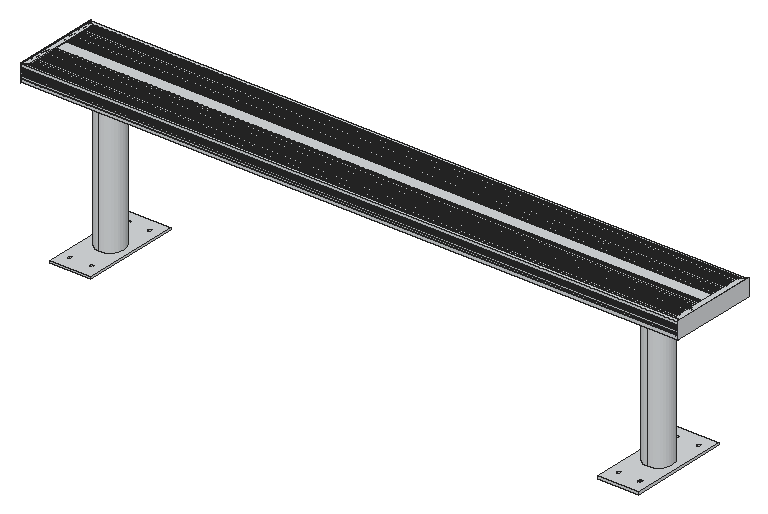
Revit family "Locker_Benches-Salsbury_Industries-Aluminum_77770_Series", category Specialty Equipment, Revit 2016
Family settings
  Part Type = Normal
  Round Connector Dimension = Use Diameter
  OmniClass Number = 23.40.00.00
  OmniClass Title = Equipment and Furnishings
  Work Plane-Based = No
  Always vertical = Yes
  Cut with Voids When Loaded = No
  Shared = No
  Room Calculation Point = No
Parameters (values of type "77776")
  Width = 72.250"
  Version = "1.0 (11/16/18)"
  URL = "www.lockers.com"
  Type Comments = "Aluminum Locker Bench"
  Secondary Material = Paint - Salsbury Finish - Aluminum
  Primary Material = Aluminum - Salsbury Finish - Aluminum
  Pedestal Offset = 6.000"
  OmniClass 23 Title = "Equipment and Furnishings"
  OmniClass 23 Number = "23.40.00.00"
  Model = "77776"
  MasterFormat Title = "Locker Room Benches"
  MasterFormat Number = "10 51 53"
  Manufacturer = "Salsbury Industries"
  Height = 18.000"
  Description = "72 Inches Wide"
  Depth = 9.625"
  Assembly Code = "C1030310"
Types (7): name | Width | Model | Description
  (no name) | 72.250" | "77776" | "72 Inches Wide"
  77776 | 72.250" | "77776" | "72 Inches Wide"
  77777 | 84.250" | "77777" | "84 Inches Wide"
  77778 | 96.250" | "77778" | "96 Inches Wide"
  77775 | 60.250" | "77775" | "60 Inches Wide"
  77774 | 48.250" | "77774" | "48 Inches Wide"
  77773 | 36.250" | "77773" | "36 Inches Wide"
Reference planes (in)
  plane 1 "Center (Front/Back)": y = 0
  plane 2 "Floor": z = 0
  plane 3 "Center (Left/Right)": x = 0
  plane 4 "Back of Bench": y = -4.8125
  plane 5 "Front Side of Bench": y = 4.8125
  plane 6 "Right Side of Bench": x = 36.125
  plane 7 "Left Side of Bench": x = -36.125
  plane 8 "Top of Bench": z = 18
  plane 9: z = 16.25
  plane 10: y = -0.656
  plane 11: y = 0.656
  plane 12: y = -4.5
  plane 13: y = 4.5
  plane 14: y = -4.2349
  plane 15: z = 17.9375
  plane 16: y = -4.10234
  plane 17: y = -3.96979
  plane 18: y = -3.83724
  plane 19: y = -3.70469
  plane 20: y = -3.57214
  plane 21: y = -3.43959
  plane 22: y = -3.30703
  plane 23: y = -3.17448
  plane 24: y = -3.04193
  plane 25: y = -2.90938
  plane 26: y = -2.77683
  plane 27: y = -2.64428
  plane 28: y = -2.51172
  plane 29: y = -2.37917
  plane 30: y = -2.24662
  plane 31: y = -2.11407
  plane 32: y = -1.98152
  plane 33: y = -1.84897
  plane 34: y = -1.71641
  plane 35: y = -1.58386
  plane 36: y = -1.45131
  plane 37: y = -1.31876
  plane 38: y = -1.18621
  plane 39: y = -1.05366
  plane 40: y = -0.9211
  plane 41: y = 1.05366
  plane 42: y = 1.18621
  plane 43: y = 1.31876
  plane 44: y = 1.45131
  plane 45: y = 1.58386
  plane 46: y = 1.71641
  plane 47: y = 1.84897
  plane 48: y = 1.98152
  plane 49: y = 2.11407
  plane 50: y = 2.24662
  plane 51: y = 2.37917
  plane 52: y = 2.51172
  plane 53: y = 2.64428
  plane 54: y = 2.77683
  plane 55: y = 2.90938
  plane 56: y = 3.04193
  plane 57: y = 3.17448
  plane 58: y = 3.30703
  plane 59: y = 3.43959
  plane 60: y = 3.57214
  plane 61: y = 3.70469
  plane 62: y = 3.83724
  plane 63: y = 3.96979
  plane 64: y = 4.10234
  plane 65: y = 4.2349
  plane 66: y = 4.36745
  plane 67 "Left Side of Seat Plank": x = -36.062
  plane 68 "Right Side of Seat Plank": x = 36.062
  plane 69: z = 17.687
  plane 70: z = 17.56211
  plane 71: z = 17.43722
  plane 72: z = 17.31233
  plane 73: z = 17.18744
  plane 74: z = 17.06256
  plane 75: z = 16.93767
  plane 76: z = 16.81278
  plane 77: z = 16.563
  plane 78: y = -4.7495
  plane 79: y = 4.7495
  plane 80: z = 16.68789
  plane 81: y = -0.78855
  plane 82: y = 0.9211
  plane 83: y = 0.78855
  plane 84: y = -4.36745
  plane 85: x = -35.437
  plane 86: x = 35.437
  plane 87 "Top of Encaps": z = 18.063
  plane 88: y = 4.1875
  plane 89: y = -4.1875
  plane 90 "Bottom of Endcaps": z = 16.187
  plane 91 "Left Pedestal Center": x = -30.125
  plane 92 "Right Pedestal Center": x = 30.125
  plane 93: x = -32.375
  plane 94: x = -27.875
  plane 95: x = 27.875
  plane 96: x = 32.375
  plane 97: y = 4.25
  plane 98: y = -4.25
  plane 99: y = 5.5
  plane 100: y = -5.5
  plane 101 "Top of Bottom Pedestal Plate": z = 0.25
  plane 102 "Bottom of Top Pedestal Plate": z = 16
  plane 103: y = -4
  plane 104: y = 4
  plane 105: x = -31.312
  plane 106: x = -28.938
  plane 107: x = 28.938
  plane 108: x = 31.312
  plane 109: x = -31.62635
  plane 110: x = -28.625
  plane 111: x = 28.625
  plane 112: x = 31.625
  plane 113: y = -1.49831
  plane 114: y = 1.5
Forms (in)
  Extrusion 1, solid, material "Aluminum - Salsbury Finish - Aluminum" <- "Primary Material"
    sketch origin (0, 0, 0) x (0, 1, 0) y (0, 0, 1)
      loop
        line (-4.8125, 18) -> (-4.8125, 17.687) -> (-4.7495, 17.687) -> (-4.7495, 17.56211) -> (-4.8125, 17.56211) -> (-4.8125, 17.43722) -> (-4.7495, 17.43722) -> (-4.7495, 17.31233) -> (-4.8125, 17.31233) -> (-4.8125, 17.18744) -> (-4.7495, 17.18744) -> (-4.7495, 17.06256) -> (-4.8125, 17.06256) -> (-4.8125, 16.93767) -> (-4.7495, 16.93767) -> (-4.7495, 16.81278) -> (-4.8125, 16.81278) -> (-4.8125, 16.68789) -> (-4.7495, 16.68789) -> (-4.7495, 16.563) -> (-4.8125, 16.563) -> (-4.8125, 16.25) -> (4.8125, 16.25) -> (4.8125, 16.563) -> (4.7495, 16.563) -> (4.7495, 16.68789) -> (4.8125, 16.68789) -> (4.8125, 16.81278) -> (4.7495, 16.81278) -> (4.7495, 16.93767) -> (4.8125, 16.93767) -> (4.8125, 17.06256) -> (4.7495, 17.06256) -> (4.7495, 17.18744) -> (4.8125, 17.18744) -> (4.8125, 17.31233) -> (4.7495, 17.31233) -> (4.7495, 17.43722) -> (4.8125, 17.43722) -> (4.8125, 17.56211) -> (4.7495, 17.56211) -> (4.7495, 17.687) -> (4.8125, 17.687) -> (4.8125, 18) -> (4.5, 18) -> (4.5, 17.9375) -> (4.36745, 17.9375) -> (4.36745, 18) -> (4.2349, 18) -> (4.2349, 17.9375) -> (4.10234, 17.9375) -> (4.10234, 18) -> (3.96979, 18) -> (3.96979, 17.9375) -> (3.83724, 17.9375) -> (3.83724, 18) -> (3.70469, 18) -> (3.70469, 17.9375) -> (3.57214, 17.9375) -> (3.57214, 18) -> (3.43959, 18) -> (3.43959, 17.9375) -> (3.30703, 17.9375) -> (3.30703, 18) -> (3.17448, 18) -> (3.17448, 17.9375) -> (3.04193, 17.9375) -> (3.04193, 18) -> (2.90938, 18) -> (2.90938, 17.9375) -> (2.77683, 17.9375) -> (2.77683, 18) -> (2.64428, 18) -> (2.64428, 17.9375) -> (2.51172, 17.9375) -> (2.51172, 18) -> (2.37917, 18) -> (2.37917, 17.9375) -> (2.24662, 17.9375) -> (2.24662, 18) -> (2.11407, 18) -> (2.11407, 17.9375) -> (1.98152, 17.9375) -> (1.98152, 18) -> (1.84897, 18) -> (1.84897, 17.9375) -> (1.71641, 17.9375) -> (1.71641, 18) -> (1.58386, 18) -> (1.58386, 17.9375) -> (1.45131, 17.9375) -> (1.45131, 18) -> (1.31876, 18) -> (1.31876, 17.9375) -> (1.18621, 17.9375) -> (1.18621, 18) -> (1.05366, 18) -> (1.05366, 17.9375) -> (0.9211, 17.9375) -> (0.9211, 18) -> (0.78855, 18) -> (0.78855, 17.9375) -> (0.656, 17.9375) -> (0.656, 18) -> (-0.656, 18) -> (-0.656, 17.9375) -> (-0.78855, 17.9375) -> (-0.78855, 18) -> (-0.9211, 18) -> (-0.9211, 17.9375) -> (-1.05366, 17.9375) -> (-1.05366, 18) -> (-1.18621, 18) -> (-1.18621, 17.9375) -> (-1.31876, 17.9375) -> (-1.31876, 18) -> (-1.45131, 18) -> (-1.45131, 17.9375) -> (-1.58386, 17.9375) -> (-1.58386, 18) -> (-1.71641, 18) -> (-1.71641, 17.9375) -> (-1.84897, 17.9375) -> (-1.84897, 18) -> (-1.98152, 18) -> (-1.98152, 17.9375) -> (-2.11407, 17.9375) -> (-2.11407, 18) -> (-2.24662, 18) -> (-2.24662, 17.9375) -> (-2.37917, 17.9375) -> (-2.37917, 18) -> (-2.51172, 18) -> (-2.51172, 17.9375) -> (-2.64428, 17.9375) -> (-2.64428, 18) -> (-2.77683, 18) -> (-2.77683, 17.9375) -> (-2.90938, 17.9375) -> (-2.90938, 18) -> (-3.04193, 18) -> (-3.04193, 17.9375) -> (-3.17448, 17.9375) -> (-3.17448, 18) -> (-3.30703, 18) -> (-3.30703, 17.9375) -> (-3.43959, 17.9375) -> (-3.43959, 18) -> (-3.57214, 18) -> (-3.57214, 17.9375) -> (-3.70469, 17.9375) -> (-3.70469, 18) -> (-3.83724, 18) -> (-3.83724, 17.9375) -> (-3.96979, 17.9375) -> (-3.96979, 18) -> (-4.10234, 18) -> (-4.10234, 17.9375) -> (-4.2349, 17.9375) -> (-4.2349, 18) -> (-4.36745, 18) -> (-4.36745, 17.9375) -> (-4.5, 17.9375) -> (-4.5, 18) -> (-4.8125, 18)
    from -36.062 to 36.062
  Extrusion 2, solid, material "Aluminum - Salsbury Finish - Aluminum" <- "Primary Material"
    sketch origin (-36.125, 0, 0) x (0, -1, 0) y (0, 0, 1)
      loop
        line (4.8125, 18.063) -> (-4.8125, 18.063) -> (-4.8125, 16.187) -> (4.8125, 16.187) -> (4.8125, 18.063)
    from 0 to -0.063
  Extrusion 3, solid, material "Aluminum - Salsbury Finish - Aluminum" <- "Primary Material"
    sketch origin (36.125, 0, 0) x (0, -1, 0) y (0, 0, 1)
      loop
        line (4.8125, 18.063) -> (-4.8125, 18.063) -> (-4.8125, 16.187) -> (4.8125, 16.187) -> (4.8125, 18.063)
    from 0 to 0.063
  Extrusion 4, solid, material "Aluminum - Salsbury Finish - Aluminum" <- "Primary Material"
    sketch origin (0, 0, 18.063) x (0, -1, 0) y (1, 0, 0)
      loop
        line (-4.8125, -36.062) -> (4.8125, -36.062) -> (4.1875, -35.437) -> (-4.1875, -35.437) -> (-4.8125, -36.062)
    from 0 to -0.063
  Extrusion 5, solid, material "Aluminum - Salsbury Finish - Aluminum" <- "Primary Material", detail levels fine
    sketch origin (0, 0, 16.187) x (0, -1, 0) y (1, 0, 0)
      loop
        line (-4.8125, -36.062) -> (4.8125, -36.062) -> (4.1875, -35.437) -> (-4.1875, -35.437) -> (-4.8125, -36.062)
    from 0.063 to 0
  Extrusion 6, solid, material "Aluminum - Salsbury Finish - Aluminum" <- "Primary Material"
    sketch origin (0, 0, 18.063) x (0, -1, 0) y (1, 0, 0)
      loop
        line (-4.8125, 36.062) -> (-4.1875, 35.437) -> (4.1875, 35.437) -> (4.8125, 36.062) -> (-4.8125, 36.062)
    from 0 to -0.063
  Extrusion 7, solid, material "Aluminum - Salsbury Finish - Aluminum" <- "Primary Material", detail levels fine
    sketch origin (0, 0, 16.187) x (0, -1, 0) y (1, 0, 0)
      loop
        line (-4.8125, 36.062) -> (-4.1875, 35.437) -> (4.1875, 35.437) -> (4.8125, 36.062) -> (-4.8125, 36.062)
    from 0.063 to 0
  Extrusion 8, solid, material "Paint - Salsbury Finish - Aluminum" <- "Secondary Material"
    sketch origin (0, 0, 0) x (1, 0, 0) y (0, 1, 0)
      loop
        line (-32.375, 5.5) -> (-32.375, -5.5) -> (-27.875, -5.5) -> (-27.875, 5.5) -> (-32.375, 5.5)
    from 0 to 0.25
  Extrusion 9, solid, material "Paint - Salsbury Finish - Aluminum" <- "Secondary Material"
    sketch origin (0, 0, 16) x (0, -1, 0) y (1, 0, 0)
      loop
        line (-4.25, -32.375) -> (4.25, -32.375) -> (4.25, -27.875) -> (-4.25, -27.875) -> (-4.25, -32.375)
    from 0 to 0.25
  Extrusion 10, solid, material "Paint - Salsbury Finish - Aluminum" <- "Secondary Material"
    sketch origin (0, 0, 0.25) x (0, -1, 0) y (1, 0, 0)
      loop
        circle (0, -30.125) r 1.5
    from 0 to 15.75
  Extrusion 11, solid, material "Paint - Salsbury Finish - Aluminum" <- "Secondary Material"
    sketch origin (0, 0, 0) x (-1, 0, 0) y (0, -1, 0)
      loop
        line (-32.375, -5.5) -> (-27.875, -5.5) -> (-27.875, 5.5) -> (-32.375, 5.5) -> (-32.375, -5.5)
    from 0 to 0.25
  Extrusion 12, solid, material "Paint - Salsbury Finish - Aluminum" <- "Secondary Material"
    sketch origin (0, 0, 16) x (0, -1, 0) y (1, 0, 0)
      loop
        line (-4.25, 32.375) -> (-4.25, 27.875) -> (4.25, 27.875) -> (4.25, 32.375) -> (-4.25, 32.375)
    from 0 to 0.25
  Extrusion 13, solid, material "Paint - Salsbury Finish - Aluminum" <- "Secondary Material"
    sketch origin (0, 0, 0.25) x (0, -1, 0) y (1, 0, 0)
      loop
        circle (0, 30.125) r 1.5
    from 0 to 15.75
  Extrusion 14, void
    sketch origin (0, 0, 0) x (1, 0, 0) y (0, 1, 0)
      loop
        circle (-31.312, 4) r 0.188
      loop
        circle (-28.938, 4) r 0.188
      loop
        circle (-31.312, -4) r 0.188
      loop
        circle (-28.938, -4) r 0.188
    from 0 to 0.25
  Extrusion 15, void
    sketch origin (0, 0, 0) x (-1, 0, 0) y (0, -1, 0)
      loop
        circle (-31.312, -4) r 0.188
      loop
        circle (-28.938, -4) r 0.188
      loop
        circle (-31.312, 4) r 0.188
      loop
        circle (-28.938, 4) r 0.188
    from 0 to 0.25
Cuts and joins
  Extrusion 14, Extrusion 15 cuts Extrusion 8
  Extrusion 15 cuts Extrusion 11
Lines and regions (in)
  symbolic lines
    curve 1: line (-36.125, 4.8125, 0) -> (36.125, 4.8125, 0)
    curve 2: line (-36.125, -4.8125, 0) -> (-36.125, 4.8125, 0)
    curve 3: line (36.125, -4.8125, 0) -> (-36.125, -4.8125, 0)
    curve 4: line (36.125, 4.8125, 0) -> (36.125, -4.8125, 0)
    curve 5: line (-32.375, 5.5, 0) -> (-27.875, 5.5, 0)
    curve 6: line (-27.875, 5.5, 0) -> (-27.875, 4.8125, 0)
    curve 7: line (-32.375, 5.5, 0) -> (-32.375, 4.8125, 0)
    curve 8: line (-32.375, -5.5, 0) -> (-27.875, -5.5, 0)
    curve 9: line (-27.875, -5.5, 0) -> (-27.875, -4.8125, 0)
    curve 10: line (-32.375, -5.5, 0) -> (-32.375, -4.8125, 0)
    curve 11: line (27.875, 5.5, 0) -> (32.375, 5.5, 0)
    curve 12: line (32.375, 5.5, 0) -> (32.375, 4.8125, 0)
    curve 13: line (27.875, 5.5, 0) -> (27.875, 4.8125, 0)
    curve 14: line (27.875, -5.5, 0) -> (32.375, -5.5, 0)
    curve 15: line (32.375, -5.5, 0) -> (32.375, -4.8125, 0)
    curve 16: line (27.875, -5.5, 0) -> (27.875, -4.8125, 0)
    curve 17: line (-36.125, 0, 18) -> (36.125, 0, 18)
    curve 18: line (-36.125, 0, 16.25) -> (-36.125, 0, 18)
    curve 19: line (36.125, 0, 16.25) -> (-36.125, 0, 16.25)
    curve 20: line (36.125, 0, 18) -> (36.125, 0, 16.25)
    curve 21: line (-32.375, 0, 16) -> (-27.875, 0, 16)
    curve 22: line (-32.375, 0, 16.25) -> (-32.375, 0, 16)
    curve 23: line (-27.875, 0, 16) -> (-27.875, 0, 16.25)
    curve 24: line (-32.375, 0, 0.25) -> (-27.875, 0, 0.25)
    curve 25: line (-32.375, 0, 0) -> (-32.375, 0, 0.25)
    curve 26: line (-27.875, 0, 0) -> (-32.375, 0, 0)
    curve 27: line (-27.875, 0, 0.25) -> (-27.875, 0, 0)
    curve 28: line (-31.62635, 0, 0.25) -> (-31.62635, 0, 16)
    curve 29: line (-28.625, 0, 0.25) -> (-28.625, 0, 16)
    curve 30: line (27.875, 0, 16) -> (27.875, 0, 16.25)
    curve 31: line (32.375, 0, 16) -> (27.875, 0, 16)
    curve 32: line (32.375, 0, 16.25) -> (32.375, 0, 16)
    curve 33: line (27.875, 0, 0.25) -> (32.375, 0, 0.25)
    curve 34: line (27.875, 0, 0) -> (27.875, 0, 0.25)
    curve 35: line (32.375, 0, 0) -> (27.875, 0, 0)
    curve 36: line (32.375, 0, 0.25) -> (32.375, 0, 0)
    curve 37: line (28.625, 0, 0.25) -> (28.625, 0, 16)
    curve 38: line (31.625, 0, 0.25) -> (31.625, 0, 16)
    curve 39: line (36.125, -4.8125, 18.063) -> (36.125, 4.8125, 18.063)
    curve 40: line (36.125, -4.8125, 16.187) -> (36.125, -4.8125, 18.063)
    curve 41: line (36.125, 4.8125, 16.187) -> (36.125, -4.8125, 16.187)
    curve 42: line (36.125, 4.8125, 18.063) -> (36.125, 4.8125, 16.187)
    curve 43: line (36.125, -4.25, 16) -> (36.125, -4.25, 16.187)
    curve 44: line (36.125, 4.25, 16) -> (36.125, -4.25, 16)
    curve 45: line (36.125, 4.25, 16.187) -> (36.125, 4.25, 16)
    curve 46: line (36.125, -5.5, 0.25) -> (36.125, 5.5, 0.25)
    curve 47: line (36.125, -5.5, 0) -> (36.125, -5.5, 0.25)
    curve 48: line (36.125, 5.5, 0) -> (36.125, -5.5, 0)
    curve 49: line (36.125, 5.5, 0.25) -> (36.125, 5.5, 0)
    curve 50: line (36.125, 1.5, 0.25) -> (36.125, 1.5, 16)
    curve 51: line (36.125, -1.49831, 0.25) -> (36.125, -1.49831, 16)
Dimensions and locks (in)
  equal spacing: plane 7 "Left Side of Bench", plane 3 "Center (Left/Right)", plane 6 "Right Side of Bench"
  "Width": plane 7 "Left Side of Bench" to plane 6 "Right Side of Bench"
  equal spacing: plane 4 "Back of Bench", plane 1 "Center (Front/Back)", plane 5 "Front Side of Bench"
  "Depth": plane 4 "Back of Bench" to plane 5 "Front Side of Bench"
  "Height": plane 8 "Top of Bench" to plane 2 "Floor"
  locked: plane 9 to plane 8 "Top of Bench" at 1.75
  plane 10 to plane 1 "Center (Front/Back)" to plane 11 = 0.656" locked, 0.656" locked
  locked: plane 4 "Back of Bench" to plane 12 at 0.3125
  locked: plane 13 to plane 5 "Front Side of Bench" at 0.3125
  locked: plane 15 to plane 8 "Top of Bench" at 0.0625
  equal spacing: plane 12, plane 84, plane 14, plane 16, plane 17, plane 18, plane 19, plane 20, plane 21, plane 22, plane 23, plane 24, plane 25, plane 26, plane 27, plane 28, plane 29, plane 30, plane 31, plane 32, plane 33, plane 34, plane 35, plane 36, plane 37, plane 38, plane 39, plane 40, plane 81, plane 10
  equal spacing: plane 11, plane 83, plane 82, plane 41, plane 42, plane 43, plane 44, plane 45, plane 46, plane 47, plane 48, plane 49, plane 50, plane 51, plane 52, plane 53, plane 54, plane 55, plane 56, plane 57, plane 58, plane 59, plane 60, plane 61, plane 62, plane 63, plane 64, plane 65, plane 66, plane 13
  locked: plane 7 "Left Side of Bench" to plane 67 "Left Side of Seat Plank" at 0.063
  locked: plane 68 "Right Side of Seat Plank" to plane 6 "Right Side of Bench" at 0.063
  locked: plane 69 to plane 8 "Top of Bench" at 0.313
  locked: plane 9 to plane 77 at 0.313
  equal spacing: plane 69, plane 70, plane 71, plane 72, plane 73, plane 74, plane 75, plane 76, plane 80, plane 77
  locked: plane 4 "Back of Bench" to plane 78 at 0.063
  locked: plane 79 to plane 5 "Front Side of Bench" at 0.063
  locked: plane 7 "Left Side of Bench" to plane 85 at 0.688
  locked: plane 86 to plane 6 "Right Side of Bench" at 0.688
  locked: plane 8 "Top of Bench" to plane 87 "Top of Encaps" at 0.063
  locked: plane 88 to plane 5 "Front Side of Bench" at 0.625
  locked: plane 4 "Back of Bench" to plane 89 at 0.625
  locked: plane 9 to plane 90 "Bottom of Endcaps" at 0.063
  "Pedestal Offset": plane 7 "Left Side of Bench" to plane 91 "Left Pedestal Center"
  "Pedestal Offset": plane 92 "Right Pedestal Center" to plane 6 "Right Side of Bench"
  plane 95 to plane 92 "Right Pedestal Center" to plane 96 = 2.250" locked, 2.250" locked
  plane 93 to plane 91 "Left Pedestal Center" to plane 94 = 2.250" locked, 2.250" locked
  plane 98 to plane 1 "Center (Front/Back)" to plane 97 = 4.250" locked, 4.250" locked
  plane 100 to plane 1 "Center (Front/Back)" to plane 99 = 5.500" locked, 5.500" locked
  locked: plane 101 "Top of Bottom Pedestal Plate" to plane 2 "Floor" at 0.25
  locked: plane 9 to plane 102 "Bottom of Top Pedestal Plate" at 0.25
  locked: plane 104 to plane 99 at 1.5
  locked: plane 100 to plane 103 at 1.5
  locked: plane 93 to plane 105 at 1.063
  locked: plane 106 to plane 94 at 1.063
  locked: plane 95 to plane 107 at 1.063
  locked: plane 108 to plane 96 at 1.063
  locked: plane 93 to plane 109 at 0.74865
  locked: plane 110 to plane 94 at 0.75
  locked: plane 95 to plane 111 at 0.75
  locked: plane 112 to plane 96 at 0.75
  aligned and locked: plane 2 "Floor" to level
  aligned and locked: plane 4 "Back of Bench" to Extrusion 1 sketch curve  (x6)
  aligned and locked: Extrusion 1 sketch curve to plane 69  (x2)
  aligned and locked: plane 78 to Extrusion 1 sketch curve  (x5)
  aligned and locked: plane 70 to Extrusion 1 sketch curve  (x2)
  aligned and locked: Extrusion 1 sketch curve to plane 71  (x2)
  aligned and locked: plane 72 to Extrusion 1 sketch curve  (x2)
  aligned and locked: Extrusion 1 sketch curve to plane 73  (x2)
  aligned and locked: plane 74 to Extrusion 1 sketch curve  (x2)
  aligned and locked: Extrusion 1 sketch curve to plane 75  (x2)
  aligned and locked: plane 76 to Extrusion 1 sketch curve  (x2)
  aligned and locked: Extrusion 1 sketch curve to plane 80  (x2)
  aligned and locked: plane 77 to Extrusion 1 sketch curve  (x2)
  aligned and locked: plane 9 to Extrusion 1 sketch curve
  aligned and locked: Extrusion 1 sketch curve to plane 5 "Front Side of Bench"  (x6)
  aligned and locked: Extrusion 1 sketch curve to plane 79  (x5)
  aligned and locked: Extrusion 1 sketch curve to plane 8 "Top of Bench"  (x31)
  aligned and locked: Extrusion 1 sketch curve to plane 13
  aligned and locked: Extrusion 1 sketch curve to plane 15  (x29)
  aligned and locked: plane 66 to Extrusion 1 sketch curve
  aligned and locked: Extrusion 1 sketch curve to plane 65
  aligned and locked: plane 64 to Extrusion 1 sketch curve
  aligned and locked: Extrusion 1 sketch curve to plane 63
  aligned and locked: plane 62 to Extrusion 1 sketch curve
  aligned and locked: Extrusion 1 sketch curve to plane 61
  aligned and locked: plane 60 to Extrusion 1 sketch curve
  aligned and locked: Extrusion 1 sketch curve to plane 59
  aligned and locked: plane 58 to Extrusion 1 sketch curve
  aligned and locked: Extrusion 1 sketch curve to plane 57
  aligned and locked: plane 56 to Extrusion 1 sketch curve
  aligned and locked: Extrusion 1 sketch curve to plane 55
  aligned and locked: plane 54 to Extrusion 1 sketch curve
  aligned and locked: Extrusion 1 sketch curve to plane 53
  aligned and locked: plane 52 to Extrusion 1 sketch curve
  aligned and locked: Extrusion 1 sketch curve to plane 51
  aligned and locked: plane 50 to Extrusion 1 sketch curve
  aligned and locked: Extrusion 1 sketch curve to plane 49
  aligned and locked: plane 48 to Extrusion 1 sketch curve
  aligned and locked: Extrusion 1 sketch curve to plane 47
  aligned and locked: plane 46 to Extrusion 1 sketch curve
  aligned and locked: Extrusion 1 sketch curve to plane 45
  aligned and locked: plane 44 to Extrusion 1 sketch curve
  aligned and locked: Extrusion 1 sketch curve to plane 43
  aligned and locked: plane 42 to Extrusion 1 sketch curve
  aligned and locked: Extrusion 1 sketch curve to plane 41
  aligned and locked: Extrusion 1 sketch curve to plane 82
  aligned and locked: plane 83 to Extrusion 1 sketch curve
  aligned and locked: plane 11 to Extrusion 1 sketch curve
  aligned and locked: Extrusion 1 sketch curve to plane 10
  aligned and locked: Extrusion 1 sketch curve to plane 81
  aligned and locked: Extrusion 1 sketch curve to plane 40
  aligned and locked: plane 39 to Extrusion 1 sketch curve
  aligned and locked: Extrusion 1 sketch curve to plane 38
  aligned and locked: plane 37 to Extrusion 1 sketch curve
  aligned and locked: Extrusion 1 sketch curve to plane 36
  aligned and locked: plane 35 to Extrusion 1 sketch curve
  aligned and locked: Extrusion 1 sketch curve to plane 34
  aligned and locked: plane 33 to Extrusion 1 sketch curve
  aligned and locked: Extrusion 1 sketch curve to plane 32
  aligned and locked: plane 31 to Extrusion 1 sketch curve
  aligned and locked: Extrusion 1 sketch curve to plane 30
  aligned and locked: plane 29 to Extrusion 1 sketch curve
  aligned and locked: Extrusion 1 sketch curve to plane 28
  aligned and locked: plane 27 to Extrusion 1 sketch curve
  aligned and locked: Extrusion 1 sketch curve to plane 26
  aligned and locked: plane 25 to Extrusion 1 sketch curve
  aligned and locked: Extrusion 1 sketch curve to plane 24
  aligned and locked: plane 23 to Extrusion 1 sketch curve
  aligned and locked: Extrusion 1 sketch curve to plane 22
  aligned and locked: plane 21 to Extrusion 1 sketch curve
  aligned and locked: Extrusion 1 sketch curve to plane 20
  aligned and locked: plane 19 to Extrusion 1 sketch curve
  aligned and locked: plane 18 to Extrusion 1 sketch curve
  aligned and locked: plane 17 to Extrusion 1 sketch curve
  aligned and locked: Extrusion 1 sketch curve to plane 16
  aligned and locked: plane 14 to Extrusion 1 sketch curve
  aligned and locked: plane 84 to Extrusion 1 sketch curve
  aligned and locked: plane 12 to Extrusion 1 sketch curve
  aligned and locked: plane 67 "Left Side of Seat Plank" to Extrusion 1
  aligned and locked: plane 87 "Top of Encaps" to Extrusion 2 sketch curve
  aligned and locked: Extrusion 2 sketch curve to plane 90 "Bottom of Endcaps"
  aligned and locked: Extrusion 2 sketch curve to plane 5 "Front Side of Bench"
  aligned and locked: Extrusion 2 sketch curve to plane 4 "Back of Bench"
  aligned and locked: Extrusion 2 to plane 67 "Left Side of Seat Plank"
  aligned and locked: plane 90 "Bottom of Endcaps" to Extrusion 3 sketch curve
  aligned and locked: plane 5 "Front Side of Bench" to Extrusion 3 sketch curve
  aligned and locked: Extrusion 3 sketch curve to plane 4 "Back of Bench"
  aligned and locked: Extrusion 3 sketch curve to plane 87 "Top of Encaps"
  aligned and locked: plane 6 "Right Side of Bench" to Extrusion 3
  aligned and locked: plane 68 "Right Side of Seat Plank" to Extrusion 3
  aligned and locked: Extrusion 4 sketch curve to plane 85
  aligned and locked: Extrusion 4 to plane 8 "Top of Bench"
  aligned and locked: plane 67 "Left Side of Seat Plank" to Extrusion 4 sketch curve
  aligned and locked: plane 87 "Top of Encaps" to Extrusion 4
  aligned and locked: Extrusion 5 to plane 9
  aligned and locked: Extrusion 5 to plane 90 "Bottom of Endcaps"
  aligned and locked: plane 67 "Left Side of Seat Plank" to Extrusion 5 sketch curve
  aligned and locked: Extrusion 5 sketch curve to plane 85
  aligned and locked: plane 88 to Extrusion 5 sketch curve
  aligned and locked: plane 5 "Front Side of Bench" to Extrusion 5 sketch curve
  aligned and locked: plane 89 to Extrusion 5 sketch curve
  aligned and locked: plane 4 "Back of Bench" to Extrusion 5 sketch curve
  aligned and locked: plane 89 to Extrusion 4 sketch curve
  aligned and locked: plane 4 "Back of Bench" to Extrusion 4 sketch curve
  aligned and locked: plane 88 to Extrusion 4 sketch curve
  aligned and locked: plane 5 "Front Side of Bench" to Extrusion 4 sketch curve
  aligned and locked: plane 68 "Right Side of Seat Plank" to Extrusion 6 sketch curve
  aligned and locked: Extrusion 6 sketch curve to plane 86
  aligned and locked: plane 88 to Extrusion 6 sketch curve
  aligned and locked: plane 5 "Front Side of Bench" to Extrusion 6 sketch curve
  aligned and locked: plane 4 "Back of Bench" to Extrusion 6 sketch curve
  aligned and locked: plane 89 to Extrusion 6 sketch curve
  aligned and locked: plane 68 "Right Side of Seat Plank" to Extrusion 7 sketch curve
  aligned and locked: Extrusion 7 sketch curve to plane 86
  aligned and locked: plane 89 to Extrusion 7 sketch curve
  aligned and locked: plane 4 "Back of Bench" to Extrusion 7 sketch curve
  aligned and locked: plane 5 "Front Side of Bench" to Extrusion 7 sketch curve
  aligned and locked: plane 88 to Extrusion 7 sketch curve
  aligned and locked: Extrusion 7 to plane 90 "Bottom of Endcaps"
  aligned and locked: Extrusion 7 to plane 9
  aligned and locked: plane 87 "Top of Encaps" to Extrusion 6
  aligned and locked: plane 8 "Top of Bench" to Extrusion 6
  aligned and locked: Extrusion 1 to plane 68 "Right Side of Seat Plank"
  aligned and locked: Extrusion 8 sketch curve to plane 99
  aligned and locked: Extrusion 8 sketch curve to plane 93
  aligned and locked: plane 100 to Extrusion 8 sketch curve
  aligned and locked: plane 94 to Extrusion 8 sketch curve
  aligned and locked: Extrusion 8 to plane 101 "Top of Bottom Pedestal Plate"
  aligned and locked: Extrusion 8 to plane 2 "Floor"
  aligned and locked: Extrusion 9 sketch curve to plane 97
  aligned and locked: plane 93 to Extrusion 9 sketch curve
  aligned and locked: plane 98 to Extrusion 9 sketch curve
  aligned and locked: Extrusion 9 sketch curve to plane 94
  aligned and locked: plane 102 "Bottom of Top Pedestal Plate" to Extrusion 9
  aligned and locked: Extrusion 9 to plane 9
  aligned and locked: plane 91 "Left Pedestal Center" to Extrusion 10 sketch curve
  aligned and locked: plane 1 "Center (Front/Back)" to Extrusion 10 sketch curve
  aligned and locked: plane 101 "Top of Bottom Pedestal Plate" to Extrusion 10
  aligned and locked: Extrusion 10 to plane 102 "Bottom of Top Pedestal Plate"
  aligned and locked: Extrusion 11 sketch curve to plane 99
  aligned and locked: plane 95 to Extrusion 11 sketch curve
  aligned and locked: Extrusion 11 sketch curve to plane 96
  aligned and locked: plane 100 to Extrusion 11 sketch curve
  aligned and locked: Extrusion 11 to plane 2 "Floor"
  aligned and locked: plane 95 to Extrusion 12 sketch curve
  aligned and locked: Extrusion 12 sketch curve to plane 97
  aligned and locked: plane 98 to Extrusion 12 sketch curve
  aligned and locked: Extrusion 12 sketch curve to plane 96
  aligned and locked: Extrusion 12 to plane 9
  aligned and locked: plane 102 "Bottom of Top Pedestal Plate" to Extrusion 12
  aligned and locked: plane 92 "Right Pedestal Center" to Extrusion 13 sketch curve
  aligned and locked: plane 1 "Center (Front/Back)" to Extrusion 13 sketch curve
  aligned and locked: plane 105 to Extrusion 14 sketch curve  (x2)
  aligned and locked: plane 104 to Extrusion 14 sketch curve  (x2)
  aligned and locked: plane 106 to Extrusion 14 sketch curve  (x2)
  aligned and locked: plane 103 to Extrusion 14 sketch curve  (x2)
  aligned and locked: Extrusion 14 to plane 101 "Top of Bottom Pedestal Plate"
  aligned and locked: Extrusion 14 to plane 2 "Floor"
  aligned and locked: Extrusion 15 to plane 2 "Floor"
  aligned and locked: Extrusion 15 to plane 101 "Top of Bottom Pedestal Plate"
  aligned and locked: Extrusion 15 sketch curve to plane 104  (x2)
  aligned and locked: plane 107 to Extrusion 15 sketch curve  (x2)
  aligned and locked: plane 108 to Extrusion 15 sketch curve  (x2)
  aligned and locked: Extrusion 15 sketch curve to plane 103  (x2)
  aligned and locked: Extrusion 13 to plane 102 "Bottom of Top Pedestal Plate"
  aligned and locked: plane 101 "Top of Bottom Pedestal Plate" to Extrusion 13
  aligned and locked: plane 6 "Right Side of Bench" to curve 4
  aligned and locked: curve 3 to plane 4 "Back of Bench"
  aligned and locked: curve 2 to plane 7 "Left Side of Bench"
  aligned and locked: plane 5 "Front Side of Bench" to curve 1
  aligned and locked: curve 5 to plane 99
  aligned and locked: curve 6 to plane 99
  aligned and locked: plane 5 "Front Side of Bench" to curve 6
  aligned and locked: plane 94 to curve 6
  aligned and locked: plane 93 to curve 7
  aligned and locked: curve 8 to plane 100
  aligned and locked: curve 9 to plane 94
  aligned and locked: curve 10 to plane 93
  aligned and locked: plane 99 to curve 11
  aligned and locked: plane 95 to curve 13
  aligned and locked: plane 99 to curve 12
  aligned and locked: plane 96 to curve 12
  aligned and locked: plane 100 to curve 14
  aligned and locked: curve 16 to plane 95
  aligned and locked: plane 4 "Back of Bench" to curve 15
  aligned and locked: curve 15 to plane 96
  aligned and locked: curve 18 to plane 7 "Left Side of Bench"
  aligned and locked: plane 6 "Right Side of Bench" to curve 20
  aligned and locked: curve 17 to plane 8 "Top of Bench"
  aligned and locked: curve 19 to plane 9
  aligned and locked: plane 102 "Bottom of Top Pedestal Plate" to curve 21
  aligned and locked: curve 23 to plane 94
  aligned and locked: plane 93 to curve 22
  aligned and locked: plane 2 "Floor" to curve 26
  aligned and locked: plane 94 to curve 27
  aligned and locked: plane 101 "Top of Bottom Pedestal Plate" to curve 24
  aligned and locked: curve 25 to plane 93
  aligned and locked: plane 101 "Top of Bottom Pedestal Plate" to curve 28
  aligned and locked: plane 102 "Bottom of Top Pedestal Plate" to curve 28
  aligned and locked: curve 28 to plane 109
  aligned and locked: curve 29 to plane 110
  aligned and locked: curve 31 to plane 102 "Bottom of Top Pedestal Plate"
  aligned and locked: curve 30 to plane 95
  aligned and locked: plane 96 to curve 32
  aligned and locked: plane 2 "Floor" to curve 35
  aligned and locked: curve 34 to plane 95
  aligned and locked: plane 96 to curve 36
  aligned and locked: plane 101 "Top of Bottom Pedestal Plate" to curve 33
  aligned and locked: plane 101 "Top of Bottom Pedestal Plate" to curve 37
  aligned and locked: plane 102 "Bottom of Top Pedestal Plate" to curve 37
  aligned and locked: curve 37 to plane 111
  aligned and locked: curve 38 to plane 112
  aligned and locked: plane 90 "Bottom of Endcaps" to curve 41
  aligned and locked: curve 39 to plane 87 "Top of Encaps"
  aligned and locked: plane 5 "Front Side of Bench" to curve 42
  aligned and locked: curve 40 to plane 4 "Back of Bench"
  aligned and locked: plane 97 to curve 45
  aligned and locked: curve 43 to plane 98
  aligned and locked: plane 2 "Floor" to curve 48
  aligned and locked: plane 99 to curve 49
  aligned and locked: curve 47 to plane 100
  aligned and locked: plane 101 "Top of Bottom Pedestal Plate" to curve 50
  aligned and locked: plane 102 "Bottom of Top Pedestal Plate" to curve 50
  aligned and locked: plane 101 "Top of Bottom Pedestal Plate" to curve 51
  aligned and locked: plane 102 "Bottom of Top Pedestal Plate" to curve 51
  aligned and locked: curve 50 to plane 114
  aligned and locked: curve 51 to plane 113
Automatic sketch dimensions
  plane 15 to Extrusion 1 sketch curve = 0.000"
  radius of Extrusion 10 sketch curve = 1.500"
  radius of Extrusion 13 sketch curve = 1.500"
  radius of Extrusion 14 sketch curve = 0.188"  (x4)
  radius of Extrusion 15 sketch curve = 0.188"  (x4)
